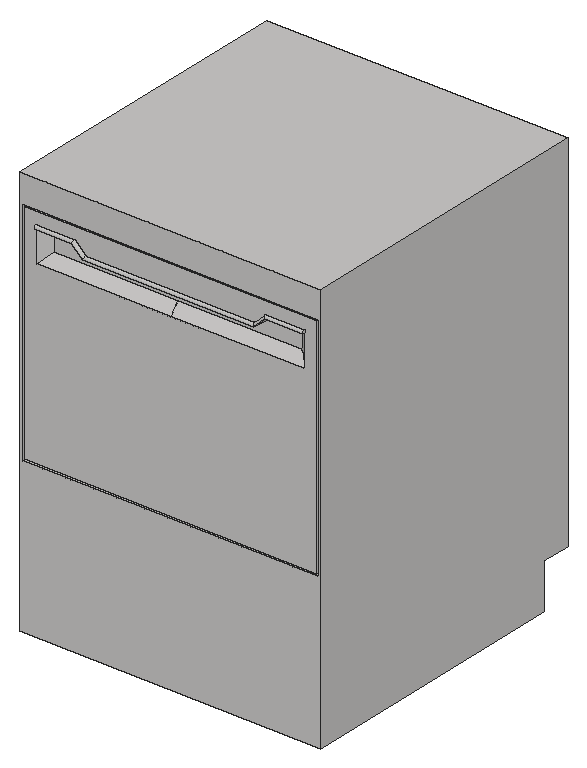
Revit family "QF_ELECTROLUXPROFESSIONAL_502706_ELAI3G", category Specialty Equipment, Revit 2018
Family settings
  Round Connector Dimension = Use Diameter
  Part Type = Normal
  Work Plane-Based = No
  Always vertical = Yes
  Cut with Voids When Loaded = No
  Shared = No
  Room Calculation Point = No
Parameters
  Weight = 68.00 kg
  Watts = 0 W
  Volts = 0 V
  URL Manufacturer = ""
  URL = "http://professional.electrolux.com/"
  Steam Supply Size = 0 mm
  Steam Supply Minimum Pressure = 0.0 Pa
  Steam Supply Maximum Pressure = 0.0 Pa
  Steam Pounds per Hour = 0
  Show Logo [instance] = yes
  Show Clearance [instance] = yes
  Refrigeration Suction Line Size = 0 mm
  Refrigeration Liquid Line Size = 0 mm
  Refrigerant Compressor Remote = yes
  Manufacturer = ""
  Phase = 0
  Model = ""
  Length Actual = 600 mm  # constant formula
  Item Number = ""
  Hot Water Size = 0 mm
  Height Actual = 820 mm  # constant formula
  HP = "7.2 HP"
  Gas Size = 0 mm
  Gas KW = 0
  Gas Input Pressure = 0 W
  Direct Waste Size = 20.5 mm
  Description = ""
  Depth Actual = 615 mm  # constant formula
  Cycle = 0 Hz
  Condensate Return Size = 0 mm
  Compressed Air Volume = 0.0 L/s
  Compressed Air Size = 0 mm
  Compressed Air Pressure = 0.0 Pa
  Cold Water Size = 0 mm
  Accessory = yes
Types (2, lengths in mm): name | Volts | URL Manufacturer | URL | Manufacturer | Phase | Model | Item Number | Hot Water Size | Description | Cycle
  (no name) | 0 V | "" | "http://professional.electrolux.com/" | "" | 0 | "" | "" | 0 | "" | 0 Hz
  Standard | 400 V | "http://professional.electrolux.com" | "http://professional.electrolux.com" | "Electrolux Professional" | 3 | "ELAI3G" | "502706" | 19.05 | "UNDERCOUNTER(L), WASH-SAFE, DOUBLE SKIN, 3PH, DP, DD, 720D/H" | 50 Hz
Reference planes
  plane 1 "Center (Front/Back)": y = 0
  plane 2: z = 0
  plane 3 "Center (Left/Right)": x = 0
  plane 4 "LEFT": x = -300
  plane 5 "RIGHT": x = 300
  plane 6 "FRONT": y = -307.5
  plane 7 "BACK": y = 307.5
  plane 8: z = 830
  plane 9: z = 10
  plane 10: y = 268.5
Forms (mm)
  Extrusion 1, solid, material "QF_Finishes_Stainless Steel"
    sketch origin (0, 0, 0) x (1, 0, 0) y (0, 1, 0)
      loop
        line (-300, -307.5) -> (300, -307.5) -> (300, 249.5) -> (-300, 249.5) -> (-300, -307.5)
    from 10 to 830
  Extrusion 2, solid, material "QF_Finishes_Stainless Steel"
    sketch origin (0, 0, 0) x (1, 0, 0) y (0, 1, 0)
      loop
        line (-300, 249.5) -> (300, 249.5) -> (300, 307.5) -> (-300, 307.5) -> (-300, 249.5)
    from 100 to 830
  Extrusion 3, solid, material "QF_Finishes_Stainless Steel"
    sketch origin (0, 0, 0) x (1, 0, 0) y (0, 1, 0)
      loop
        circle (-254, 193.5) r 12.5
      loop
        circle (254, 193.5) r 12.5
      loop
        circle (-254, -237.5) r 12.5
      loop
        circle (254, -237.5) r 12.5
    from 0 to 10
  Extrusion 4, void
    sketch origin (-300, -307.5, 0) x (-1, 0, 0) y (0, 0, 1)
      loop
        line (-5, 773.217) -> (-595, 773.217) -> (-595, 315.188) -> (-5, 315.188) -> (-5, 773.217)
    from 0 to 30
  Extrusion 5, solid, material "QF_Finishes_Stainless Steel"
    sketch origin (-274, -411, 733) x (0, 0, -1) y (1, 0, 0)
      loop
        circle (693, 143) r 10
    from -660.5 to -718.5
  Extrusion 6, solid, material "QF_Door-Drawer Clearances", visible <- "Show Clearance", detail levels coarse
    sketch origin (-230, -282.5, 0) x (0, 1, 0) y (0, 0, -1)
      loop
        line (-25, -319.312) -> (-397, -319.312)
        arc (-397, -319.312) -> (-298.139, -616.581) -> (-25, -770) r 434.302
        line (-25, -770) -> (-25, -319.312)
    from 61.225 to -521.647
  Extrusion 7, solid, material "QF_Finishes_Stainless Steel"
    sketch origin (-331.481, -411, 703) x (0, 0, -1) y (1, 0, 0)
      loop
        circle (663, 252.481) r 8
    from -660.5 to -718.5
  Extrusion 8, solid, material "QF_Finishes_Stainless Steel"
    sketch origin (-230, -282.5, 0) x (0, 1, 0) y (0, 0, -1)
      loop
        line (-25, -319.312) -> (-25, -770) -> (0, -770) -> (0, -319.312) -> (-25, -319.312)
    from 61.225 to -521.647
  Extrusion 9, solid, material "QF_Finishes_Stainless Steel"
    sketch origin (-301, 942.75, 760.5) x (0, -1, 0) y (1, 0, 0)
      loop
        circle (663, 158) r 8
    from -660.5 to -670.5
  Blend 10, void
    base sketch origin (-230, -307.5, 770) x (0, 0, -1) y (1, 0, 0)
      loop
        line (93.563, -37.311) -> (93.563, 230) -> (93.563, 497.311) -> (28.563, 497.311) -> (28.563, 422.311) -> (49.776, 401.098) -> (49.776, 230) -> (49.776, 58.902) -> (28.563, 37.689) -> (28.563, -37.311) -> (93.563, -37.311)
    top sketch origin (-230, -307.5, 770) x (0, 0, -1) y (1, 0, 0)
      loop
        line (73.563, -17.311) -> (73.563, 230) -> (73.563, 477.311) -> (31.063, 477.311) -> (31.063, 422.311) -> (52.276, 401.098) -> (52.276, 58.902) -> (31.063, 37.689) -> (31.063, -17.311) -> (73.563, -17.311)
    from 0 to -19.433
  Sweep 11, solid, material "QF_Finishes_Stainless Steel"
    path origin (-230, -307.5, 770) x (0, 0, -1) y (1, 0, 0)
      loop
        line (28.563, -37.311) -> (28.563, 37.689) -> (49.776, 58.902) -> (49.776, 401.098) -> (28.563, 422.311) -> (28.563, 497.311)
    profile origin (-229.811, -307.5, 741.437) x (0, 0, 1) y (0, -1, 0)
      loop
        line (0, 0) -> (5, 0)
        arc (5, 0) -> (3.536, 3.536) -> (0, 5) r 5
        arc (0, 5) -> (-0.037, 0.962) -> (-0.394, -3.06) r 51.04
        line (-0.394, -3.06) -> (0, 0)
Cuts and joins
  Extrusion 4 cuts Extrusion 1
  joined: Extrusion 1, Extrusion 2
  Blend 10 cuts Extrusion 8
Lines and regions (mm)
  Split face 1
    outline origin (-300, -307.5, 830) x (0, 0, -1) y (1, 0, 0)
      loop
        line (56.783, 5) -> (56.783, 0)
      loop
        line (56.783, 595) -> (56.783, 600)
      loop
        line (37.034, 600) -> (37.034, 514.297)
        arc (37.034, 514.297) -> (37.64, 511.25) -> (39.366, 508.667) r 7.962
        line (39.366, 508.667) -> (44.289, 503.744)
        arc (44.289, 503.744) -> (46.135, 500.982) -> (46.783, 497.723) r 8.515
        line (46.783, 497.723) -> (46.783, 87.277)
        arc (46.783, 87.277) -> (46.135, 84.018) -> (44.289, 81.256) r 8.515
        line (44.289, 81.256) -> (39.366, 76.333)
        arc (39.366, 76.333) -> (37.64, 73.75) -> (37.034, 70.703) r 7.962
        line (37.034, 70.703) -> (37.034, 0)
  Split face 2
    outline origin (-300, -307.5, 830) x (0, 0, -1) y (1, 0, 0)
      loop
        line (13.15, 274.82) -> (37.034, 274.82) -> (37.034, 325.18) -> (13.15, 325.18) -> (13.15, 274.82)
  symbolic lines
    curve 1: line (-300, 307.5, 0) -> (300, 307.5, 0)
    curve 2: line (-300, -307.5, 0) -> (-300, 307.5, 0)
    curve 3: line (300, -307.5, 0) -> (-300, -307.5, 0)
    curve 4: line (300, 307.5, 0) -> (300, -307.5, 0)
  symbolic lines, style "QF_Door-Drawer Clearances"
    curve 5: line (-291.225, -679.5, 0) -> (291.647, -679.5, 0)
    curve 6: line (291.647, -679.5, 0) -> (291.647, -307.5, 0)
    curve 7: line (-291.225, -679.5, 0) -> (-291.225, -307.5, 0)
  symbolic lines, style "SpecialityEquipmentHiddenLines"
    curve 8: line (-300, 249.5, 0) -> (300, 249.5, 0)
Dimensions and locks
  equal spacing: plane 4 "LEFT", plane 3 "Center (Left/Right)", plane 5 "RIGHT"
  equal spacing: plane 7 "BACK", plane 1 "Center (Front/Back)", plane 6 "FRONT"
  plane 7 "BACK" to plane 6 "FRONT" = 615 mm
  plane 4 "LEFT" to plane 5 "RIGHT" = 600 mm
  locked: plane 9 to level at 10
  plane 4 "LEFT" to plane 3 "Center (Left/Right)" = 300 mm
  plane 8 to level = 830 mm  (x2)
  Extrusion 9 sketch curve to plane 4 "LEFT" = 157 mm
  level to Extrusion 5 sketch curve = 40 mm
  Extrusion 5 sketch curve to plane 4 "LEFT" = 169 mm
  Extrusion 7 sketch curve to plane 4 "LEFT" = 221 mm
  level to Extrusion 7 sketch curve = 40 mm
  Extrusion 3 to cut or joined group of Extrusion 1, Extrusion 2, Extrusion 4 = 114 mm
  Extrusion 3 to Extrusion 3 = 431 mm
  plane 6 "FRONT" to Extrusion 3 = 70 mm
  plane 1 "Center (Front/Back)" to plane 6 "FRONT" = 307.5 mm
  locked: plane 7 "BACK" to plane 10 at 39
  plane 7 "BACK" to curve 5 = 987 mm
  Extrusion 8 to cut or joined group of Extrusion 1, Extrusion 2, Extrusion 4 = 454.812 mm
  aligned and locked: level to plane 2
  aligned and locked: Extrusion 1 sketch curve to plane 6 "FRONT"
  aligned and locked: Extrusion 1 sketch curve to plane 4 "LEFT"
  aligned and locked: plane 5 "RIGHT" to Extrusion 1 sketch curve
  aligned and locked: Extrusion 1 to plane 9
  aligned and locked: Extrusion 2 sketch curve to Extrusion 1
  aligned and locked: plane 7 "BACK" to Extrusion 2 sketch curve
  aligned and locked: plane 5 "RIGHT" to Extrusion 2 sketch curve
  aligned and locked: plane 9 to Extrusion 3
Automatic sketch dimensions
  Extrusion 1 sketch curve to plane 10 = 19 mm
  Extrusion 2 sketch curve to plane 10 = 19 mm
  plane 4 "LEFT" to Extrusion 3 sketch curve = 46 mm  (x2)
  Extrusion 3 sketch curve to plane 5 "RIGHT" = 46 mm  (x2)
  plane 6 "FRONT" to Extrusion 3 sketch curve = 70 mm  (x2)
  Extrusion 3 sketch curve to plane 10 = 75 mm  (x2)
  Extrusion 4 sketch curve to Extrusion 1 = 5 mm  (x2)
  Extrusion 4 sketch curve to Extrusion 1 = 305.188 mm
  Extrusion 4 sketch curve to Extrusion 1 = 56.783 mm
  Extrusion 8 sketch curve to plane 6 "FRONT" = 0 mm
  Extrusion 8 sketch curve to Extrusion 8 sketch curve = 25 mm
  Extrusion 8 sketch curve to plane 8 = 60 mm
  plane 9 to Extrusion 8 sketch curve = 309.312 mm
  cut or joined group of Extrusion 1, Extrusion 2, Extrusion 4 to Split face 1 sketch curve = 0 mm  (x2)
  Split face 1 sketch curve to cut or joined group of Extrusion 1, Extrusion 2, Extrusion 4 = 0 mm  (x6)
  cut or joined group of Extrusion 1, Extrusion 2, Extrusion 4 to Split face 1 sketch curve = 10 mm
  Split face 1 sketch curve to Split face 1 sketch curve = 2.494 mm  (x2)
  Split face 1 sketch curve to Split face 1 sketch curve = 8.515 mm  (x2)
  cut or joined group of Extrusion 1, Extrusion 2, Extrusion 4 to Split face 1 sketch curve = 11.786 mm  (x2)
  Split face 1 sketch curve to Split face 1 sketch curve = 5.63 mm  (x2)
  Split face 1 sketch curve to Split face 1 sketch curve = 2.332 mm  (x2)
  Split face 1 sketch curve to cut or joined group of Extrusion 1, Extrusion 2, Extrusion 4 = 65.703 mm
  Split face 1 sketch curve to Split face 1 sketch curve = 4.923 mm  (x2)
  Split face 1 sketch curve to cut or joined group of Extrusion 1, Extrusion 2, Extrusion 4 = 97.277 mm
  Split face 2 sketch curve to cut or joined group of Extrusion 1, Extrusion 2, Extrusion 4 = 13.15 mm
  cut or joined group of Extrusion 1, Extrusion 2, Extrusion 4 to Split face 2 sketch curve = 19.749 mm
  Split face 2 sketch curve to cut or joined group of Extrusion 1, Extrusion 2, Extrusion 4 = 269.82 mm
  Split face 2 sketch curve to Split face 2 sketch curve = 50.359 mm
  curve 1 to plane 4 "LEFT" = 0 mm
  curve 7 to plane 6 "FRONT" = 0 mm
  curve 4 to plane 5 "RIGHT" = 0 mm
  curve 8 to plane 10 = 19 mm
  curve 2 to plane 7 "BACK" = 0 mm
  plane 4 "LEFT" to curve 5 = 8.775 mm
  curve 6 to plane 5 "RIGHT" = 8.353 mm
  Extrusion 6 sketch curve to plane 6 "FRONT" = 0 mm
  plane 6 "FRONT" to Extrusion 6 sketch curve = 61.803 mm
  plane 9 to Extrusion 6 sketch curve = 330.118 mm
  Extrusion 6 sketch curve to Extrusion 6 sketch curve = 20.806 mm
  Extrusion 6 sketch curve to plane 6 "FRONT" = 372 mm
  Blend 10 sketch curve to Extrusion 8 = 28.563 mm  (x2)
  Blend 10 sketch curve to Extrusion 8 = 49.776 mm
  Blend 10 sketch curve to Blend 10 sketch curve = 65 mm
  Extrusion 8 to Blend 10 sketch curve = 23.913 mm
  Blend 10 sketch curve to Blend 10 sketch curve = 75 mm  (x2)
  Blend 10 sketch curve to Blend 10 sketch curve = 21.213 mm  (x5)
  Blend 10 sketch curve to Blend 10 sketch curve = 171.098 mm  (x2)
  Blend 10 sketch curve to Blend 10 sketch curve = 0 mm
  Extrusion 8 to Blend 10 sketch curve = 120.549 mm
  Extrusion 8 to Blend 10 sketch curve = 99.335 mm
  Extrusion 8 to Blend 10 sketch curve = 43.913 mm
  Blend 10 sketch curve to Blend 10 sketch curve = 42.5 mm
  Extrusion 8 to Blend 10 sketch curve = 44.335 mm
  Blend 10 sketch curve to Blend 10 sketch curve = 55 mm  (x2)
  Blend 10 sketch curve to Extrusion 8 = 31.063 mm
  Extrusion 8 to Sweep 11 sketch curve = 98.913 mm
  Sweep 11 sketch curve to Sweep 11 sketch curve = 21.213 mm  (x4)
  Extrusion 8 to Sweep 11 sketch curve = 23.913 mm
  Sweep 11 sketch curve to Extrusion 8 = 28.563 mm
  Extrusion 8 to Sweep 11 sketch curve = 99.335 mm
  Extrusion 8 to Sweep 11 sketch curve = 24.335 mm
  profile plane to Sweep 11 sketch curve = 0 mm  (x2)
  Sweep 11 sketch curve to profile plane = 0 mm
  profile plane to Sweep 11 sketch curve = 3.452 mm
  Sweep 11 sketch curve to Sweep 11 sketch curve = 5 mm
  profile plane to Sweep 11 sketch curve = 0.394 mm
  Sweep 11 sketch curve to profile plane = 3.06 mm
  plane 10 to Extrusion 9 sketch curve = 11.25 mm
  radius of Extrusion 3 sketch curve = 12.5 mm  (x4)
  radius of Extrusion 5 sketch curve = 10 mm
  radius of Extrusion 7 sketch curve = 8 mm
  radius of Extrusion 9 sketch curve = 8 mm
Connectors
  piping at (-131, 307.5, 40), diameter 20
    settings: on Extrusion 5, index 1, connector inside diameter 609.6 mm, connector length 0 mm, flow factor 0, pipe flow 0.0 L/s, pressure drop 0.0 Pa, fitting loss kfactor 0, connector angle 0.00°, fixture units 0, engagement length 0 mm, angle of deflection 0.00°, flow configuration 1, flow direction 1, fitting loss method 0, system type 16, joint type 0, gender type 0, connector reference index -1, connector utility 0, adjustable connector no, is connector primary yes, connector description "Drain"
  piping at (-79, 307.5, 40), diameter 16
    settings: on Extrusion 7, index 3, connector inside diameter 609.6 mm, connector length 0 mm, flow factor 0, pipe flow 0.0 L/s, pressure drop 0.0 Pa, fitting loss kfactor 0, connector angle 0.00°, fixture units 0, engagement length 0 mm, angle of deflection 0.00°, flow configuration 1, flow direction 1, fitting loss method 0, system type 20, joint type 0, gender type 0, connector reference index -1, connector utility 0, adjustable connector no, is connector primary no, connector description "Cold Water Inlet"
  electrical at (-143, 279.75, 90), driven by "Volts"
    settings: on Extrusion 9, index 4, voltage 0 V, apparent load 0 VA, apparent load phase1 0 VA, apparent load phase2 0 VA, apparent load phase3 0 VA, power factor 1, load classification "Altro", number of poles 1, system type 31, power factor state 1, is connector primary yes, connector utility no, sub classification motor no, connector description "Electrical Connection"
